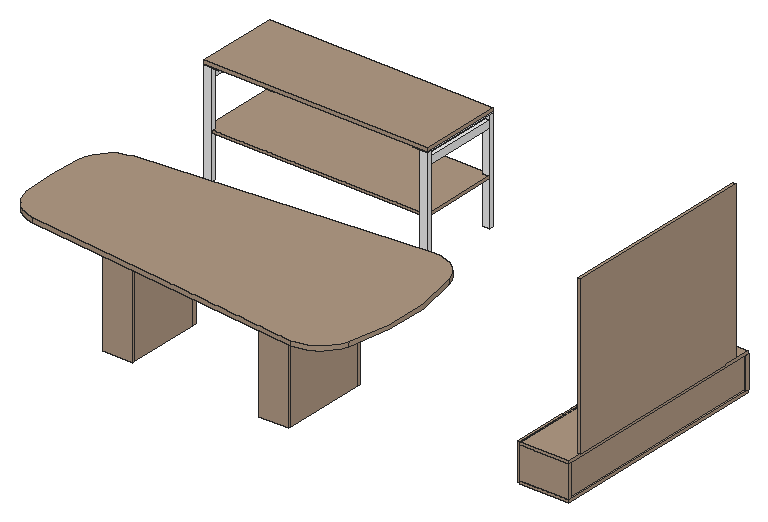
Revit family "T400010", category Furniture, Revit 2013
Parameters (values of type "T400010")
  Width = 168 5/16"
  URL = "http://www.ofsbrands.com/"
  Top Core Material = OFS BRANDS INTERMIX Top Core Wood
  Pull Material = OFS BRANDS INTERMIX Pull Metal
  Model = "T400010"
  Manufacturer = "FIRST OFFICE"
  Height = 72"
  Feet Material = OFS BRANDS INTERMIX Feet Metal
  Door Material = OFS BRANDS INTERMIX Door Plastic
  Description = "OFS BRANDS FIRST OFFICE INTERMIX TYPICAL T400010"
  Depth = 110"
  Copyright © = "© 2018 OFS BRANDS"
  Chassis Material = OFS BRANDS INTERMIX Chassis Wood
  Catalog = "http://ofsbrands.com/products/tables/conference-tables/intermix"
  Conector Clip Material = OFS BRANDS INTERMIX Conector Clip Metal
  Back Coverage Material = OFS BRANDS INTERMIX Back Coverage Plastic
  Authoring Version = "Autodesk Revit Architecture 2013"
  Assembly Code = "E2020200"
Reference planes (in)
  plane 1 "Center (Front/Back)": y = 0
  plane 2: z = 0
  plane 3 "Center (Left/Right)": x = 0
Forms (in)
  Extrusion 1, solid, material "OFS BRANDS INTERMIX Chassis Wood" <- "Chassis Material"
    sketch origin (83.91388, -1.51132, -26.25) x (1, 0, 0) y (0, 1, 0)
      loop
        line (-12.75, 6.75) -> (-12.75, -53.49999) -> (0.25, -53.49999) -> (0.25, 6.75) -> (-12.75, 6.75)
    from 55.49999 to 56.24999
  Extrusion 2, solid, material "OFS BRANDS INTERMIX Chassis Wood" <- "Chassis Material"
    sketch origin (83.91388, -1.51132, -35.5) x (1, 0, 0) y (0, 1, 0)
      loop
        line (-12.75, 6.75) -> (-12.75, -53.49999) -> (0.25, -53.49999) -> (0.25, 6.75) -> (-12.75, 6.75)
    from 55.49999 to 56.24999
  Extrusion 3, solid, material "OFS BRANDS INTERMIX Chassis Wood" <- "Chassis Material"
    sketch origin (77.41388, -8.01132, -13.5) x (1, 0, 0) y (0, 0, 1)
      loop
        line (6.75, 42.74999) -> (-6.25, 42.74999) -> (-6.25, 34.25) -> (6.75, 34.25) -> (6.75, 42.74999)
    from -13.25 to -12.50001
  Extrusion 4, solid, material "OFS BRANDS INTERMIX Chassis Wood" <- "Chassis Material"
    sketch origin (77.41388, -67.51132, -13.5) x (1, 0, 0) y (0, 0, 1)
      loop
        line (6.75, 42.74999) -> (-6.25, 42.74999) -> (-6.25, 34.25) -> (6.75, 34.25) -> (6.75, 42.74999)
    from -13.25 to -12.50001
  Extrusion 5, solid, material "OFS BRANDS INTERMIX Chassis Wood" <- "Chassis Material"
    sketch origin (96.16388, -1.01132, -13.5) x (0, 1, 0) y (0, 0, 1)
      loop
        line (5.5, 42.74999) -> (-53.25, 42.74999) -> (-53.25, 34.25) -> (5.5, 34.25) -> (5.5, 42.74999)
    from -13.25 to -12.50001
  Extrusion 6, solid, material "OFS BRANDS INTERMIX Chassis Wood" <- "Chassis Material"
    sketch origin (96.66388, -1.01132, 29.25001) x (0, 1, 0) y (0, 0, 1)
      loop
        line (2.125, 42.74999) -> (-49.875, 42.74999) -> (-49.875, 0.74999) -> (2.125, 0.74999) -> (2.125, 42.74999)
    from -13.25 to -12.50001
  Extrusion 7, solid, material "OFS BRANDS INTERMIX Top Core Wood" <- "Top Core Material"
    sketch origin (-223.52769, 165.54077, 0.93745) x (0, -1, 0) y (1, 0, 0)
      loop
        arc (175.59142, 155.05811) -> (178.42601, 149.53205) -> (184.02156, 146.83722) r 9.75381
        arc (184.02156, 146.83722) -> (192.59142, 146.30171) -> (201.16127, 146.83721) r 68.84118
        arc (201.16127, 146.83721) -> (206.75682, 149.53204) -> (209.59142, 155.0581) r 9.75381
        arc (209.59142, 155.0581) -> (214.48248, 192.42165) -> (216.59067, 230.04496) r 508.04027
        arc (216.59067, 230.04496) -> (214.64503, 236.15076) -> (209.3924, 239.82176) r 10.00001
        arc (209.3924, 239.82176) -> (192.59146, 242.22205) -> (175.79052, 239.82178) r 59.99992
        arc (175.79052, 239.82178) -> (170.53789, 236.15078) -> (168.59224, 230.04498) r 10.00001
        arc (168.59224, 230.04498) -> (170.70039, 192.42167) -> (175.59142, 155.05811) r 508.04027
    from 27.87505 to 29.03705
  Extrusion 8, solid, material "OFS BRANDS INTERMIX Feet Metal" <- "Feet Material"
    sketch origin (-50.60494, 67.13898, 0) x (1, 0, 0) y (0, 1, 0)
      loop
        line (-33.55894, -34.06516) -> (-31.55894, -34.06516) -> (-31.55894, -33.06516) -> (-33.55894, -33.06516) -> (-33.55894, -34.06516)
    from 0 to 27.4307
  Extrusion 9, solid, material "OFS BRANDS INTERMIX Feet Metal" <- "Feet Material"
    sketch origin (-93.19976, 30.83477, 0) x (0, -1, 0) y (0, 0, 1)
      loop
        line (-3.23905, 24.0557) -> (-3.23905, 26.0557) -> (-23.17655, 26.0557) -> (-23.17655, 24.0557) -> (-3.23905, 24.0557)
    from -10.16088 to -9.16088
  Extrusion 10, solid, material "OFS BRANDS INTERMIX Feet Metal" <- "Feet Material"
    sketch origin (-50.60494, 20.94616, 0) x (1, 0, 0) y (0, 1, 0)
      loop
        line (-33.55894, 34.06516) -> (-33.55894, 33.06516) -> (-31.55894, 33.06516) -> (-31.55894, 34.06516) -> (-33.55894, 34.06516)
    from 0 to 27.4307
  Extrusion 11, solid, material "OFS BRANDS INTERMIX Feet Metal" <- "Feet Material"
    sketch origin (-50.60494, 20.94616, 0.1943) x (1, 0, 0) y (0, 1, 0)
      loop
        line (-33.55894, 34.06516) -> (-33.55894, 12.12766) -> (-29.55894, 12.12766) -> (-29.55894, 34.06516) -> (-33.55894, 34.06516)
    from 27.2364 to 27.4307
  Extrusion 12, solid, material "OFS BRANDS INTERMIX Top Core Wood" <- "Top Core Material"
    sketch origin (121.83291, -30.99861, 0.93745) x (0, -1, 0) y (1, 0, 0)
      loop
        line (-86.01003, -205.99674) -> (-64.01003, -205.99676) -> (-64.01, -145.99676) -> (-86.01, -145.99675) -> (-86.01003, -205.99674)
    from 26.68755 to 27.68755
  Extrusion 13, solid, material "OFS BRANDS INTERMIX Top Core Wood" <- "Top Core Material"
    sketch origin (121.83291, -30.99861, -15.18755) x (0, -1, 0) y (1, 0, 0)
      loop
        line (-85.82253, -203.99675) -> (-85.01, -203.99675) -> (-85.01, -205.74675) -> (-65.07253, -205.74675) -> (-65.07253, -203.99675) -> (-64.32252, -203.99675) -> (-64.3225, -147.99675) -> (-65.07253, -147.99675) -> (-65.07253, -146.24675) -> (-85.01, -146.24674) -> (-85.01, -147.99675) -> (-85.8225, -147.99675) -> (-85.82253, -203.99675)
    from 26.93755 to 27.68755
  Extrusion 14, solid, material "OFS BRANDS INTERMIX Feet Metal" <- "Feet Material"
    sketch origin (-57.72282, 67.13898, 0) x (-1, 0, 0) y (0, -1, 0)
      loop
        line (-33.55894, 34.06516) -> (-33.55894, 33.06516) -> (-31.55894, 33.06516) -> (-31.55894, 34.06516) -> (-33.55894, 34.06516)
    from 0 to 27.4307
  Extrusion 15, solid, material "OFS BRANDS INTERMIX Feet Metal" <- "Feet Material"
    sketch origin (-15.12799, 30.83477, 0) x (0, -1, 0) y (0, 0, -1)
      loop
        line (-3.23905, -24.0557) -> (-23.17655, -24.0557) -> (-23.17655, -26.0557) -> (-3.23905, -26.0557) -> (-3.23905, -24.0557)
    from -10.16088 to -9.16088
  Extrusion 16, solid, material "OFS BRANDS INTERMIX Feet Metal" <- "Feet Material"
    sketch origin (-57.72282, 20.94616, 0) x (-1, 0, 0) y (0, -1, 0)
      loop
        line (-33.55894, -34.06516) -> (-31.55894, -34.06516) -> (-31.55894, -33.06516) -> (-33.55894, -33.06516) -> (-33.55894, -34.06516)
    from 0 to 27.4307
  Extrusion 17, solid, material "OFS BRANDS INTERMIX Feet Metal" <- "Feet Material"
    sketch origin (-57.72282, 20.94616, 0.1943) x (-1, 0, 0) y (0, -1, 0)
      loop
        line (-33.55894, -34.06516) -> (-29.55894, -34.06516) -> (-29.55894, -12.12766) -> (-33.55894, -12.12766) -> (-33.55894, -34.06516)
    from 27.2364 to 27.4307
  Extrusion 18, solid, material "OFS BRANDS INTERMIX Top Core Wood" <- "Top Core Material"
    sketch origin (121.83291, 27.32377, -57.38493) x (0, 0, -1) y (-1, 0, 0)
      loop
        line (-84.81573, 203.99675) -> (-84.8157, 147.99675) -> (-81.2537, 147.99675) -> (-81.25373, 203.99675) -> (-84.81573, 203.99675)
    from 26.93755 to 27.68755
  Extrusion 19, solid, material "OFS BRANDS INTERMIX Chassis Wood" <- "Chassis Material"
    sketch origin (80.91388, 35.17618, -13.5) x (0, 1, 0) y (0, 0, 1)
      loop
        line (-30, 43.4375) -> (-44.9375, 43.4375) -> (-44.9375, 33.5625) -> (-30, 33.5625) -> (-30, 43.4375)
    from -10.5 to -9.75001
  Extrusion 20, solid, material "OFS BRANDS INTERMIX Pull Metal" <- "Pull Material"
    sketch origin (40.98717, -39.32308, -0.787) x (0, -1, 0) y (1, 0, 0)
      loop
        line (-39.43501, 29.4267) -> (-39.68501, 29.4267) -> (-39.68501, 28.17671) -> (-34.37251, 28.17671) -> (-34.37251, 29.4267) -> (-34.62251, 29.4267) -> (-34.62251, 28.42671) -> (-39.43501, 28.42671) -> (-39.43501, 29.4267)
    from 28.9745 to 29.4745
  Extrusion 21, solid, material "OFS BRANDS INTERMIX Chassis Wood" <- "Chassis Material"
    sketch origin (80.91388, 20.11368, -13.5) x (0, 1, 0) y (0, 0, 1)
      loop
        line (-30, 43.4375) -> (-44.9375, 43.4375) -> (-44.9375, 33.5625) -> (-30, 33.5625) -> (-30, 43.4375)
    from -10.5 to -9.75001
  Extrusion 22, solid, material "OFS BRANDS INTERMIX Pull Metal" <- "Pull Material"
    sketch origin (40.98717, -54.38558, -0.787) x (0, -1, 0) y (1, 0, 0)
      loop
        line (-39.43501, 29.4267) -> (-39.68501, 29.4267) -> (-39.68501, 28.17671) -> (-34.37251, 28.17671) -> (-34.37251, 29.4267) -> (-34.62251, 29.4267) -> (-34.62251, 28.42671) -> (-39.43501, 28.42671) -> (-39.43501, 29.4267)
    from 28.9745 to 29.4745
  Extrusion 23, solid, material "OFS BRANDS INTERMIX Chassis Wood" <- "Chassis Material"
    sketch origin (80.91388, 5.05119, -13.5) x (0, 1, 0) y (0, 0, 1)
      loop
        line (-30, 43.4375) -> (-44.9375, 43.4375) -> (-44.9375, 33.5625) -> (-30, 33.5625) -> (-30, 43.4375)
    from -10.5 to -9.75001
  Extrusion 24, solid, material "OFS BRANDS INTERMIX Pull Metal" <- "Pull Material"
    sketch origin (40.98717, -69.44808, -0.787) x (0, -1, 0) y (1, 0, 0)
      loop
        line (-39.43501, 29.4267) -> (-39.68501, 29.4267) -> (-39.68501, 28.17671) -> (-34.37251, 28.17671) -> (-34.37251, 29.4267) -> (-34.62251, 29.4267) -> (-34.62251, 28.42671) -> (-39.43501, 28.42671) -> (-39.43501, 29.4267)
    from 28.9745 to 29.4745
  Extrusion 25, solid, material "OFS BRANDS INTERMIX Chassis Wood" <- "Chassis Material"
    sketch origin (80.91388, -10.01132, -13.5) x (0, 1, 0) y (0, 0, 1)
      loop
        line (-30, 43.4375) -> (-44.9375, 43.4375) -> (-44.9375, 33.5625) -> (-30, 33.5625) -> (-30, 43.4375)
    from -10.5 to -9.75001
  Extrusion 26, solid, material "OFS BRANDS INTERMIX Pull Metal" <- "Pull Material"
    sketch origin (40.98717, -84.51058, -0.787) x (0, -1, 0) y (1, 0, 0)
      loop
        line (-39.43501, 29.4267) -> (-39.68501, 29.4267) -> (-39.68501, 28.17671) -> (-34.37251, 28.17671) -> (-34.37251, 29.4267) -> (-34.62251, 29.4267) -> (-34.62251, 28.42671) -> (-39.43501, 28.42671) -> (-39.43501, 29.4267)
    from 28.9745 to 29.4745
  Extrusion 27, solid, material "OFS BRANDS INTERMIX Chassis Wood" <- "Chassis Material"
    sketch origin (-55.24307, -38.78292, 0) x (0, -1, 0) y (0, 0, 1)
      loop
        line (-1.98233, 0) -> (-1.98233, 28.0625) -> (-21.48233, 28.0625) -> (-21.48233, 0) -> (-1.98233, 0)
    from -1.1875 to -0.4375
  Extrusion 28, solid, material "OFS BRANDS INTERMIX Chassis Wood" <- "Chassis Material"
    sketch origin (-56.0379, -37.98809, 0) x (-1, 0, 0) y (0, 0, -1)
      loop
        line (-1.23233, 0) -> (-9.23233, 0) -> (-9.23233, -28.0625) -> (-1.23233, -28.0625) -> (-1.23233, 0)
    from -1.1875 to -0.4375
  Extrusion 29, solid, material "OFS BRANDS INTERMIX Chassis Wood" <- "Chassis Material"
    sketch origin (-46.36807, -38.78292, 0) x (0, -1, 0) y (0, 0, -1)
      loop
        line (-1.98233, 0) -> (-21.48233, 0) -> (-21.48233, -28.0625) -> (-1.98233, -28.0625) -> (-1.98233, 0)
    from -1.1875 to -0.4375
  Extrusion 30, solid, material "OFS BRANDS INTERMIX Chassis Wood" <- "Chassis Material"
    sketch origin (-56.0379, -16.11309, 0) x (-1, 0, 0) y (0, 0, 1)
      loop
        line (-1.23233, 0) -> (-1.23233, 28.0625) -> (-9.23233, 28.0625) -> (-9.23233, 0) -> (-1.23233, 0)
    from -1.1875 to -0.4375
  Extrusion 31, solid, material "OFS BRANDS INTERMIX Feet Metal" <- "Feet Material"
    sketch origin (-18.50781, 13.29784, 0) x (1, 0, 0) y (0, 1, 0)
      loop
        line (-38.79776, -52.34843) -> (-25.79776, -52.34843) -> (-25.79776, -28.34842) -> (-38.79776, -28.34842) -> (-38.79776, -52.34843)
    from 28.0625 to 28.81287
  Extrusion 32, solid, material "OFS BRANDS INTERMIX Chassis Wood" <- "Chassis Material"
    sketch origin (-12.24306, -40.28292, 0) x (0, -1, 0) y (0, 0, 1)
      loop
        line (-1.98233, 0) -> (-1.98233, 28.0625) -> (-24.48233, 28.0625) -> (-24.48233, 0) -> (-1.98233, 0)
    from -1.1875 to -0.4375
  Extrusion 33, solid, material "OFS BRANDS INTERMIX Chassis Wood" <- "Chassis Material"
    sketch origin (-13.03789, -39.48809, 0) x (-1, 0, 0) y (0, 0, -1)
      loop
        line (-1.23233, 0) -> (-9.23233, 0) -> (-9.23233, -28.0625) -> (-1.23233, -28.0625) -> (-1.23233, 0)
    from -1.1875 to -0.4375
  Extrusion 34, solid, material "OFS BRANDS INTERMIX Chassis Wood" <- "Chassis Material"
    sketch origin (-3.36806, -40.28292, 0) x (0, -1, 0) y (0, 0, -1)
      loop
        line (-1.98233, 0) -> (-24.48233, 0) -> (-24.48233, -28.0625) -> (-1.98233, -28.0625) -> (-1.98233, 0)
    from -1.1875 to -0.4375
  Extrusion 35, solid, material "OFS BRANDS INTERMIX Chassis Wood" <- "Chassis Material"
    sketch origin (-13.03789, -14.61308, 0) x (-1, 0, 0) y (0, 0, 1)
      loop
        line (-1.23233, 0) -> (-1.23233, 28.0625) -> (-9.23233, 28.0625) -> (-9.23233, 0) -> (-1.23233, 0)
    from -1.1875 to -0.4375
  Extrusion 36, solid, material "OFS BRANDS INTERMIX Feet Metal" <- "Feet Material"
    sketch origin (24.4922, 11.79784, 0) x (1, 0, 0) y (0, 1, 0)
      loop
        line (-38.79776, -52.34843) -> (-25.79776, -52.34843) -> (-25.79776, -25.34842) -> (-38.79776, -25.34842) -> (-38.79776, -52.34843)
    from 28.0625 to 28.81287
Dimensions and locks (in)
  aligned and locked: level to plane 2
